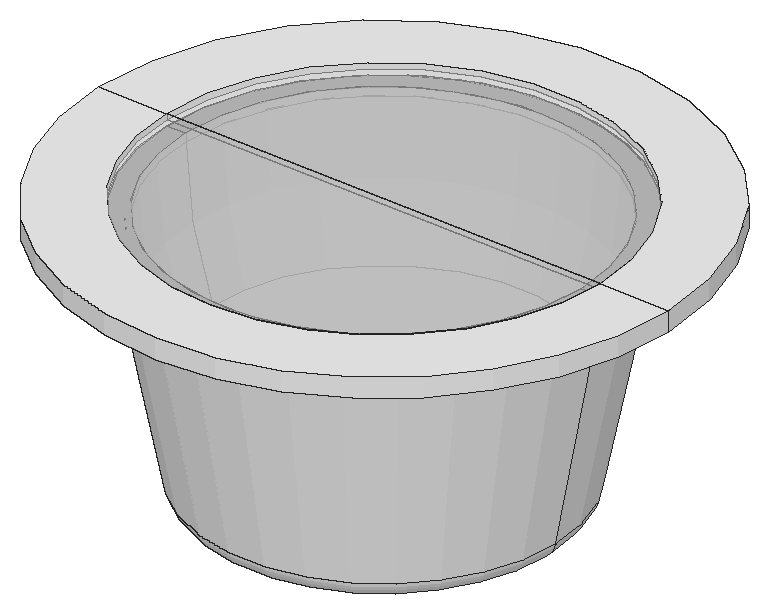
Revit family "2060561+2028036 Sylvania Lighting Fixture ASCENT 100 II ARCH 2700 3K STD EMG 160 with IP44 Frost Glass", category Lighting Fixtures, host Face, Revit 2016
Family settings
  Host = Face
  Part Type = Normal
  Round Connector Dimension = Use Diameter
  OmniClass Number = 23.80.70.11.17
  OmniClass Title = Specialized Lighting by Location or Use
  Cut with Voids When Loaded = No
  Light Source = Yes
  Shared = No
  Room Calculation Point = No
Parameters (values of type "2060561+2028036 ASCT100 II ARCH 2700 3K STD EMG 160 with IP44 Frost Glass Emergency mode")
  WidthBezelAcc_SYL = 25.0 mm
  Weight = "1.92 kg"
  Wattage = 1.55652 W
  WarrantyStartDate [instance] = "n/a"
  WarrantyGuarantorParts = "n/a"
  WarrantyDurationUnit = "n/a"
  WarrantyDurationParts = "n/a"
  WarrantyDescription = "n/a"
  built-in parameter 1150110 = 1 (stored number, unit not read)
  Voltage = 0 V
  VisibilityAccessory_SYL = yes
  TypeName = "ASCT100 II ARCH 2700 3K STD EMG 160 with IP44 Frost Glass Emergency mode"
  built-in parameter 1114217 = 1 (stored number, unit not read)
  Tilt Angle = -90°
  built-in parameter 1150109 = 1 (stored number, unit not read)
  built-in parameter 1150134 = (empty or 0)
  built-in parameter 1150113 = 1 (stored number, unit not read)
  SerialNumber [instance] = "n/a"
  ReflectorRadius_SYL = Radius_SYL - 14.5 mm  # 80.0 mm
  RadiusAcc_SYL = 105.0 mm
  Radius_SYL = 94.5 mm
  URL = "http://www.sylvania-lighting.com"
  PowerFactor = 0
  PowerConsumption = "23 W"
  Photometric Web File = "2060561EM.ies"
  NominalWidth = 0.0 mm
  NominalLength = 0.0 mm
  NominalHeight = 94.0 mm
  Name = "ASCT100 II ARCH 2700 3K STD EMG 160 with IP44 Frost Glass Emergency mode"
  ModelReference = "ASCT100 II ARCH 2700 3K STD EMG 160 with IP44 Frost Glass Emergency mode"
  ModelNumber = "2060561+2028036"
  Material_4_SYL = none
  Material_3_SYL = Polycarbonate_Sylvania_Ascent_Clear
  Material_2_SYL = Aluminium_Sylvania_Ascent_Silver
  Material_1_SYL = Aluminum_Sylvania_Ascent_White
  Material = "aluminium housing, arcylic diffuser"
  ManufacturerName = "Feilo Sylvania"
  LuminousEfficacy = "115 lm/W"
  built-in parameter 1150105 = 14.244 (stored number, unit not read)
  Lumens = 179 lm
  LuminaireType = ""
  built-in parameter 1150115 = 1 (stored number, unit not read)
  LightOutputRatio = "100"
  built-in parameter 1150137 = (empty or 0)
  built-in parameter 1150139 = (empty or 0)
  LampsType = Lamp  # "LED"
  LampNominalLuminous = "2649 lm"
  LampMacAdamStep = "3"
  LampColourTemperature = "3000 K"
  LampColourRenderingIndex = "80"
  built-in parameter 1150112 = 1 (stored number, unit not read)
  built-in parameter 1150114 = 1 (stored number, unit not read)
  Keynote = "16500"
  InstallationDate [instance] = "n/a"
  InputVoltage = "n/a"
  InputNominalFrequency = "n/a"
  built-in parameter 1150132 = (empty or 0)
  built-in parameter 1150102 = (empty or 0)
  built-in parameter 1150107 = 3000 (stored number, unit not read)
  built-in parameter 1150138 = (empty or 0)
  IngressProtection = "IP44"
  ImpactProtectionIndex = "IK02"
  built-in parameter 1150106 = 0.14244 (stored number, unit not read)
  IfcExportType = "IfcLightFixtureType"
  IfcExportAs = "IfcLightFixtureType"
  Height_SYL = 94.0 mm
  HeightAcc_SYL = 7.0 mm
  ExpectedLife = 50000
  EmittionSurface_SYL = if(VisibilityAccessory_SYL, 7.0 mm, 3.0 mm)  # 7.0 mm
  Emit from Circle Diameter = DiffuserRadius_SYL * 2  # 146.0 mm
  Emit Shape Visible in Rendering = no
  ElectricShockClassification = "Class II"
  built-in parameter 1150104 = 10.684 (stored number, unit not read)
  DurationUnit = "hours"
  DocumentationLiterature = "http://www.sylvania-lighting.com/product/en-int/products/2060561"
  DimmingControlOptions = "n/a"
  Dimming Lamp Color Temperature Shift = <None>
  DiffuserRadius_SYL = ReflectorRadius_SYL - 7.0 mm  # 73.0 mm
  Diameter_SYL = 2 * Radius_SYL  # 189.0 mm
  CutoutDiameter_SYL = Diameter_SYL - 13.0 mm  # 176.0 mm
  CreatedOn = "9/17/2018"
  CreatedBy = "@sylvania-lighting.com"
  Color Filter = 16777215
  built-in parameter 1114216 [instance] = 1 (stored number, unit not read)
  Model = "ASCT100 II ARCH 2700 3K STD EMG 160 with IP44 Frost Glass Emergency mode"
  Manufacturer = "Feilo Sylvania"
  Lamp = "LED"
  Description = "Direct LED retro fit for original LED 100 Arch (160) single CFL lamp offering Matching lumen levels and improved light distribution of original LED 100 CFL lamp equivalents Typically half the power consumption compared to CFL Up to 112lm/W 160mm aperture Architectural reflector accepts range of glass accessories from existing LED 100 Arch 160 offering HE, HO and VHO versions equivalent of single 1 x 18W, 1 x 32W, 1 x 42W\r\n Additional VVHO versions which offer the performance circa 2 x 32W equivalent"  # constant formula
  Default Elevation = 0.0 mm
  built-in parameter 1140040 [instance] = 1
  BarCode [instance] = "n/a"
  built-in parameter 1114218 = 1 (stored number, unit not read)
  built-in parameter 1150133 = 10 (stored number, unit not read)
  AssetType = "Fixed"
  AssetIdentifier [instance] = "n/a"
  Assembly Code = "D5020200"
  Apparent Load = 1.55652 VA
  Aperture_SYL = 2 * ReflectorRadius_SYL  # 160.0 mm
Types (2, lengths in mm): name | Wattage | TypeName | Photometric Web File | Name | ModelReference | Material_3_SYL | built-in parameter 1150105 | Lumens | built-in parameter 1150106 | Model | Apparent Load
  2060561+2028036 ASCT100 II ARCH 2700 3K STD EMG 160 with IP44 Frost Glass Emergency mode | 1.55652 W | "ASCT100 II ARCH 2700 3K STD EMG 160 with IP44 Frost Glass Emergency mode" | "2060561EM.ies" | "ASCT100 II ARCH 2700 3K STD EMG 160 with IP44 Frost Glass Emergency mode" | "ASCT100 II ARCH 2700 3K STD EMG 160 with IP44 Frost Glass Emergency mode" | Polycarbonate_Sylvania_Ascent_Clear | 14.244 (stored number, unit not read) | 179 lm | 0.14244 (stored number, unit not read) | "ASCT100 II ARCH 2700 3K STD EMG 160 with IP44 Frost Glass Emergency mode" | 1.55652 VA
  2060561+2028036 ASCT100 II ARCH 2700 3K STD EMG 160 with IP44 Frost Glass | 23 W | "ASCENT 100 II ARCH 2700 3K STD EMG 160 with IP44 Frost Glass" | "2060561.ies" | "ASCENT 100 II ARCH 2700 3K STD EMG 160 with IP44 Frost Glass" | "ASCENT 100 II ARCH 2700 3K STD EMG 160 with IP44 Frost Glass" | Polycarbonate_Sylvania_Ascent_Opal | 210.48 (stored number, unit not read) | 2645 lm | 2.1048 (stored number, unit not read) | "ASCENT 100 II ARCH 2700 3K STD EMG 160 with IP44 Frost Glass" | 23 VA
Reference planes
  plane 1 "Center (Front/Back)": y = 0
  plane 2: z = 0
  plane 3 "Center (Left/Right)": x = 0
  plane 4 "Fixture Bottom": z = 3
  plane 5: z = -52.5
  plane 6 "Fixture Top": z = -91
  plane 7: x = -105
  plane 8: z = 7
  plane 9: x = -80
  plane 10: z = 5
  plane 11: x = -103
Forms (mm)
  Extrusion 1, solid, material "Aluminum_Sylvania_Ascent_White", detail levels fine
    sketch origin (0, 0, 0) x (1, 0, 0) y (0, 1, 0)
      loop
        circle (0, 0) r 94.5
      loop
        circle (0, 0) r 80
    from 0 to 3
  Extrusion 2, void
    sketch origin (0, 0, 0) x (1, 0, 0) y (0, 1, 0)
      loop
        circle (0, 0) r 88
    from -91 to 3
  Revolve 3, solid, material "Aluminum_Sylvania_Ascent_White" <- "Material_1_SYL", detail levels fine
    sketch origin (0, 0, 0) x (1, 0, 0) y (0, 0, 1)
      loop
        line (0, -91.073) -> (0, -89.023) -> (-55.468, -89.014)
        arc (-55.468, -89.014) -> (-59.352, -87.613) -> (-61.54, -84.139) r 6.307
        line (-61.54, -84.139) -> (-77.991, -2.844) -> (-77.991, 0) -> (-80, 0) -> (-80, -3) -> (-63.5, -84.536)
        arc (-63.5, -84.536) -> (-60.643, -89.203) -> (-55.5, -91.073) r 8.291
        line (-55.5, -91.073) -> (0, -91.073)
      axis (0, 0) -> (0, -91.073)
    angle from 0 to 360
  Revolve 4, solid, material "Aluminium_Sylvania_Ascent_Silver" <- "Material_2_SYL", detail levels fine
    sketch origin (0, 0, 0) x (1, 0, 0) y (0, 0, 1)
      loop
        line (-80, 3) -> (-80, 0) -> (-75, 0)
        arc (-75, 0) -> (-72.349, -26.77) -> (-64.5, -52.5) r 136.5
        line (-64.5, -52.5) -> (-58, -52.5)
        arc (-58, -52.5) -> (-56.857, -61.521) -> (-53.5, -69.971) r 36.166
        line (-53.5, -69.971) -> (0, -69.971) -> (0, -50.5) -> (-63.16, -50.5)
        arc (-63.16, -50.5) -> (-70.517, -25.725) -> (-73, 0) r 134.5
        line (-73, 0) -> (-73, 3) -> (-80, 3)
      axis (0, 3) -> (0, -69.971)
    angle from 0 to 360
  Extrusion 5, solid, material "Polycarbonate_Sylvania_Ascent_Clear" <- "Material_3_SYL", detail levels fine
    sketch origin (0, 0, 0) x (1, 0, 0) y (0, 1, 0)
      loop
        circle (0, 0) r 73
    from 0 to 3
  Revolve 6, solid, material "Aluminum_Sylvania_Ascent_White" <- "Material_1_SYL", detail levels coarse+medium
    sketch origin (0, 0, 0) x (1, 0, 0) y (0, 0, 1)
      loop
        line (0, -91.073) -> (0, 3) -> (-94.5, 3) -> (-94.5, 0) -> (-79.5, 0) -> (-79.5, -3) -> (-63, -84.536)
        arc (-63, -84.536) -> (-60.143, -89.203) -> (-55, -91.073) r 8.291
        line (-55, -91.073) -> (0, -91.073)
      axis (0, 3) -> (0, -91.073)
    angle from 0 to 360
  Revolve 7, solid, material "Aluminum_Sylvania_Ascent_White" <- "Material_1_SYL", visible <- "VisibilityAccessory_SYL"
    sketch origin (0, 0, 0) x (1, 0, 0) y (0, 0, 1)
      loop
        line (-105, 0) -> (-103, 0) -> (-103, 5) -> (-80, 5) -> (-80, 7) -> (-105, 7) -> (-105, 0)
      axis (0, 7) -> (0, 0)
    angle from 0 to 360
  Revolve 8, solid, material "Polycarbonate_Sylvania_Ascent_Clear" <- "Material_3_SYL", visible <- "VisibilityAccessory_SYL"
    sketch origin (0, 0, 0) x (1, 0, 0) y (0, 0, 1)
      loop
        line (-80, 7) -> (-80, 5) -> (0, 5) -> (0, 7) -> (-80, 7)
      axis (0, 7) -> (0, 5)
    angle from 0 to 360
Lines and regions (mm)
  reference lines
    curve 1: line (-150, 0, 7) -> (125, 0, 7)
Dimensions and locks
  locked: plane 4 "Fixture Bottom" to plane 2 at 3
  "Height_SYL": plane 4 "Fixture Bottom" to plane 6 "Fixture Top"
  "ReflectorRadius_SYL": plane 3 "Center (Left/Right)" to Revolve 4 sketch curve
  locked: Revolve 4 sketch curve to Revolve 4 sketch curve at 15.5
  locked: Revolve 4 sketch curve to Revolve 4 sketch curve at 5
  locked: Revolve 4 sketch curve to Revolve 4 sketch curve at 7
  locked: Revolve 4 sketch curve to Revolve 4 sketch curve at 22
  locked: Revolve 4 sketch curve to Revolve 4 sketch curve at 26.5
  locked: Revolve 3 sketch curve to Revolve 3 sketch curve at 16.5
  locked: Revolve 3 sketch curve to Revolve 3 sketch curve at 24.5
  "ReflectorRadius_SYL": Revolve 3 sketch curve to plane 3 "Center (Left/Right)"
  locked: Revolve 3 sketch curve to plane 6 "Fixture Top" at 6.464
  locked: plane 2 to Revolve 3 sketch curve at 3
  locked: Revolve 3 sketch curve to Revolve 3 sketch curve at 2
  locked: Revolve 3 sketch curve to Revolve 3 sketch curve at 2.009
  locked: plane 2 to plane 5 at 52.5
  locked: Revolve 6 sketch curve to Revolve 6 sketch curve at 31.5
  locked: Revolve 6 sketch curve to Revolve 6 sketch curve at 39.5
  locked: Revolve 6 sketch curve to Revolve 6 sketch curve at 15
  "Radius_SYL": plane 3 "Center (Left/Right)" to Revolve 6 sketch curve
  "RadiusAcc_SYL": plane 3 "Center (Left/Right)" to plane 7
  "HeightAcc_SYL": plane 8 to level
  "WidthBezelAcc_SYL": plane 7 to plane 9
  locked: plane 7 to plane 11 at 2
  locked: plane 8 to plane 10 at 2
  "EmittionSurface_SYL": curve 1 to level
  "CutoutDiameter_SYL": diameter of Extrusion 2 sketch curve
  "ReflectorRadius_SYL": radius of Extrusion 1 sketch curve
  "DiffuserRadius_SYL": radius of Extrusion 5 sketch curve
  "Radius_SYL": radius of Extrusion 1 sketch curve
  aligned and locked: host face to plane 2
  aligned and locked: host face to level
  aligned and locked: plane 4 "Fixture Bottom" to Extrusion 1
  aligned and locked: Extrusion 1 to plane 2
  aligned and locked: Revolve 3 sketch curve to plane 3 "Center (Left/Right)"
  aligned and locked: Revolve 4 sketch curve to plane 3 "Center (Left/Right)"  (x2)
  aligned and locked: plane 4 "Fixture Bottom" to Revolve 4 sketch curve
  aligned and locked: Extrusion 5 to plane 2
  aligned and locked: plane 2 to Revolve 3 sketch curve  (x2)
  aligned and locked: Revolve 6 sketch curve to plane 3 "Center (Left/Right)"
  aligned and locked: plane 6 "Fixture Top" to Extrusion 2
  aligned and locked: Revolve 7 sketch curve to plane 3 "Center (Left/Right)"
  aligned and locked: host face to Revolve 7 sketch curve  (x2)
  aligned and locked: Revolve 7 sketch curve to plane 7
  aligned and locked: plane 8 to Revolve 7 sketch curve
  aligned and locked: plane 9 to Revolve 7 sketch curve
  aligned and locked: Revolve 7 sketch curve to plane 10
  aligned and locked: plane 11 to Revolve 7 sketch curve
  aligned and locked: Revolve 7 to Revolve 8 sketch curve
  aligned and locked: Revolve 8 sketch curve to Revolve 7  (x2)
  aligned and locked: Revolve 8 sketch curve to plane 3 "Center (Left/Right)"  (x2)
  aligned and locked: plane 3 "Center (Left/Right)" to imposter light
  aligned and locked: imposter light to plane 1 "Center (Front/Back)"
  aligned and locked: imposter light to curve 1
Automatic sketch dimensions
  plane 1 "Center (Front/Back)" to Extrusion 2 sketch curve = 0.0 mm
  Extrusion 2 sketch curve to plane 3 "Center (Left/Right)" = 0.0 mm
  Extrusion 1 sketch curve to Extrusion 1 sketch curve = 0.0 mm  (x2)
  plane 1 "Center (Front/Back)" to Extrusion 1 sketch curve = 0.0 mm
  Extrusion 1 sketch curve to plane 3 "Center (Left/Right)" = 0.0 mm
  plane 6 "Fixture Top" to Revolve 3 sketch curve = 0.073 mm
  Revolve 3 sketch curve to plane 6 "Fixture Top" = 6.861 mm
  Revolve 3 sketch curve to Revolve 3 sketch curve = 0.003 mm
  Revolve 3 sketch curve to Revolve 3 sketch curve = 0.009 mm  (x2)
  Revolve 3 sketch curve to Revolve 3 sketch curve = 0.023 mm
  Revolve 3 sketch curve to Revolve 3 sketch curve = 0.072 mm
  Revolve 3 sketch curve to Revolve 3 sketch curve = 0.008 mm
  Revolve 3 sketch curve to plane 6 "Fixture Top" = 1.977 mm
  Revolve 3 sketch curve to Revolve 3 sketch curve = 33.496 mm
  Revolve 3 sketch curve to Revolve 3 sketch curve = 0.028 mm
  plane 4 "Fixture Bottom" to Revolve 3 sketch curve = 82.431 mm
  Revolve 4 sketch curve to Revolve 4 sketch curve = 0.0 mm  (x2)
  Revolve 4 sketch curve to plane 5 = 0.0 mm
  Revolve 4 sketch curve to level = 0.0 mm
  plane 5 to Revolve 4 sketch curve = 2.0 mm
  plane 4 "Fixture Bottom" to Revolve 4 sketch curve = 9.642 mm
  plane 1 "Center (Front/Back)" to Extrusion 5 sketch curve = 0.0 mm
  Extrusion 5 sketch curve to plane 3 "Center (Left/Right)" = 0.0 mm
  Revolve 4 sketch curve to level = 69.971 mm
  Revolve 4 sketch curve to Revolve 4 sketch curve = 2.387 mm
  Revolve 6 sketch curve to level = 0.0 mm
  Revolve 6 sketch curve to plane 3 "Center (Left/Right)" = 0.0 mm
  Revolve 6 sketch curve to Revolve 6 sketch curve = 8.104 mm
  Revolve 6 sketch curve to level = 3.0 mm
  Revolve 6 sketch curve to plane 6 "Fixture Top" = 6.464 mm
  plane 6 "Fixture Top" to Revolve 6 sketch curve = 0.073 mm
  Revolve 6 sketch curve to Revolve 6 sketch curve = 33.496 mm
  plane 4 "Fixture Bottom" to Revolve 6 sketch curve = 82.431 mm
  host sketch curve to host sketch curve = 1704.996 mm
  host sketch curve to host sketch curve = 1500.0 mm
  plane 6 "Fixture Top" to Revolve 7 sketch curve = 281.274 mm
  Revolve 7 sketch curve to plane 8 = 1140.706 mm
  plane 6 "Fixture Top" to Revolve 8 sketch curve = 281.274 mm
  Revolve 8 sketch curve to Revolve 8 sketch curve = 1140.706 mm
  Revolve 3 sketch curve to plane 3 "Center (Left/Right)" = 0.0 mm
  Revolve 6 sketch curve to plane 4 "Fixture Bottom" = 0.0 mm
  plane 7 to curve 1 = 45.0 mm
  plane 3 "Center (Left/Right)" to curve 1 = 125.0 mm
Connectors
  electrical at (0, 0, -91.073), driven by "Apparent Load"
    settings: on Revolve 3, index 1, voltage 240 V, apparent load 0 VA, apparent load phase1 1.55652 VA, apparent load phase2 0 VA, apparent load phase3 0 VA, power factor 1, load classification "Lighting", number of poles 1, system type 31, power factor state 1, is connector primary yes, connector utility no, sub classification motor no, connector description ""
